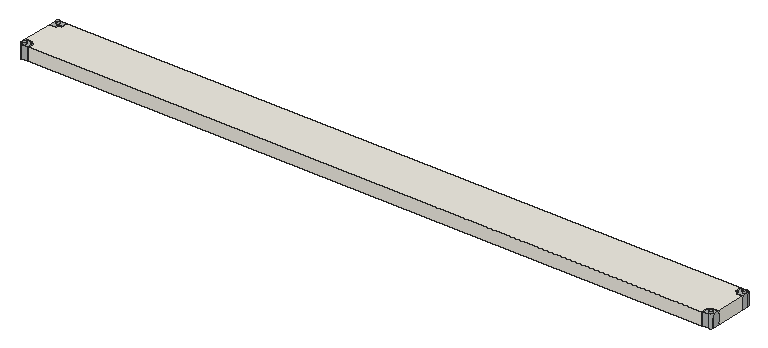
Revit family "HIGHTECH", category Осветительные приборы, Revit 2019 (continued)
Types (32, lengths in mm): name | Файл фотометрической сетки | built-in parameter 1150105 | Lumens | built-in parameter 1150106 | built-in parameter 1150142 | Wattage | Emit from Rectangle Width | Emit from Rectangle Length | Длина | Ширина | ADSK_Ток | ADSK_Полная мощность | ADSK_Обозначение | ADSK_Номинальная мощность | ADSK_Наименование | ADSK_Масса | ADSK_Код изделия
    \n448.356 368.859 293.578 222.119 154.483 93.612 39.601 3.823 3.725 3.725 3.627 3.529 3.431 3.332 3.234 3.137 3.039 3.039 2.941 2.842 2.744 2.647 2.549 2.450 2.352 2.352 2.254 2.157 2.059 1.960 1.862 \r\n1.764 1.667 1.667 1.569 1.470 1.372 1.274 1.177 1.078 0.980 0.980 0.882 0.784 0.687 0.588 0.490 0.392 0.294 0.294 0.196 0.098 0.000 \r\n2755.907 2758.357 2752.868 2747.770 2732.871 2716.011 2695.329 2667.294 2637.005 2599.462 2556.039 2511.438 2463.897 2412.631 2356.072 2296.670 2237.269 2170.221 \r\n2102.585 2032.205 1960.747 1886.347 1809.694 1731.668 1651.485 1569.538 1486.905 1402.410 1316.934 1227.146 1139.905 1052.371 964.150 876.029 787.906 701.057 614.798 530.008 \r\n448.061 368.663 293.480 222.022 154.386 93.514 39.504 3.823 3.725 3.725 3.627 3.529 3.431 3.332 3.234 3.137 3.039 3.039 2.941 2.842 2.744 2.647 2.549 2.450 2.352 2.352 2.254 2.157 2.059 1.960 1.862 \r\n1.764 1.667 1.667 1.569 1.470 1.372 1.274 1.177 1.078 0.980 0.980 0.882 0.784 0.687 0.588 0.490 0.392 0.294 0.294 0.196 0.098 0.000 \r\n2755.907 2758.259 2752.770 2747.477 2732.577 2715.619 2694.741 2666.706 2636.319 2598.776 2555.352 2510.654 2463.113 2411.749 2355.190 2295.788 2236.289 2169.241 \r\n2101.605 2031.323 1959.767 1885.367 1808.713 1730.687 1650.505 1568.656 1485.925 1401.528 1316.052 1226.361 1139.219 1051.684 963.465 875.440 787.416 700.567 614.406 529.616 \r\n447.866 368.467 293.283 221.923 154.288 93.514 39.504 3.823 3.725 3.725 3.627 3.529 3.431 3.332 3.234 3.137 3.039 3.039 2.941 2.842 2.744 2.647 2.549 2.450 2.352 2.352 2.254 2.157 2.059 1.960 1.862 \r\n1.764 1.667 1.667 1.569 1.470 1.372 1.274 1.177 1.078 0.980 0.980 0.882 0.784 0.687 0.588 0.490 0.392 0.294 0.294 0.196 0.098 0.000 \r\n2755.907 2758.161 2752.671 2747.280 2732.283 2715.227 2694.250 2666.117 2635.633 2598.090 2554.764 2509.967 2462.329 2410.964 2354.406 2294.906 2235.309 2168.359 \r\n2100.625 2030.343 1958.787 1884.387 1807.733 1729.707 1649.525 1567.676 1485.043 1400.646 1315.072 1225.479 1138.435 1050.901 962.876 874.852 786.926 700.176 614.013 529.323 \r\n447.571 368.272 293.088 221.825 154.190 93.415 39.405 3.823 3.725 3.725 3.627 3.529 3.431 3.332 3.234 3.137 3.039 3.039 2.941 2.842 2.744 2.647 2.549 2.450 2.352 2.352 2.254 2.157 2.059 1.960 1.862 \r\n1.764 1.667 1.667 1.569 1.470 1.372 1.274 1.177 1.078 0.980 0.980 0.882 0.784 0.687 0.588 0.490 0.392 0.294 0.294 0.196 0.098 0.000 \r\n2755.907 2757.965 2752.574 2746.987 2731.989 2714.835 2693.662 2665.530 2635.045 2597.404 2554.078 2509.184 2461.545 2410.082 2353.524 2294.024 2234.328 2167.378 \r\n2099.743 2029.363 1957.708 1883.309 1806.753 1728.727 1648.643 1566.794 1484.161 1399.764 1314.190 1224.695 1137.651 1050.214 962.190 874.264 786.338 699.685 613.621 529.028 \r\n447.278 368.075 292.990 221.727 154.190 93.415 39.405 3.823 3.725 3.627 3.627 3.529 3.431 3.332 3.234 3.137 3.039 3.039 2.941 2.842 2.744 2.647 2.549 2.450 2.352 2.352 2.254 2.157 2.059 1.960 1.862 \r\n1.764 1.667 1.667 1.569 1.470 1.372 1.274 1.177 1.078 0.980 0.980 0.882 0.784 0.687 0.588 0.490 0.392 0.294 0.294 0.196 0.098 0.000 \r\n2755.907 2757.867 2752.378 2746.692 2731.695 2714.443 2693.172 2665.040 2634.358 2596.718 2553.392 2508.497 2460.760 2409.200 2352.642 2293.141 2233.348 2166.398 \r\n2098.763 2028.383 1956.728 1882.328 1805.773 1727.747 1647.662 1565.814 1483.181 1398.881 1313.307 1223.911 1136.965 1049.529 961.603 873.675 785.848 699.195 613.230 528.734 \r\n446.983 367.879 292.793 221.629 154.091 93.317 39.307 3.823 3.725 3.627 3.627 3.529 3.431 3.332 3.234 3.137 3.039 2.941 2.941 2.842 2.744 2.647 2.549 2.450 2.352 2.352 2.254 2.157 2.059 1.960 1.862 \r\n1.764 1.667 1.667 1.569 1.470 1.372 1.274 1.177 1.078 0.980 0.980 0.882 0.784 0.687 0.588 0.490 0.392 0.294 0.294 0.196 0.098 0.000 \r\n2755.907 2757.769 2752.279 2746.497 2731.302 2713.953 2692.682 2664.452 2633.673 2596.031 2552.705 2507.713 2459.976 2408.417 2351.759 2292.259 2232.368 2165.418 \r\n2097.782 2027.403 1955.748 1881.348 1804.694 1726.767 1646.682 1564.931 1482.299 1398.097 1312.327 1223.029 1136.181 1048.842 960.916 873.088 785.357 698.803 612.838 528.342 \r\n446.788 367.683 292.598 221.532 153.993 93.220 39.209 3.823 3.725 3.627 3.627 3.529 3.431 3.332 3.234 3.137 3.039 2.941 2.941 2.842 2.744 2.647 2.549 2.450 2.352 2.352 2.254 2.157 2.059 1.960 1.862 \r\n1.764 1.667 1.667 1.569 1.470 1.372 1.274 1.177 1.078 0.980 0.980 0.882 0.784 0.687 0.588 0.490 0.392 0.294 0.294 0.196 0.098 0.000 \r\n2755.907 2757.671 2752.181 2746.202 2731.009 2713.561 2692.094 2663.863 2632.986 2595.346 2552.020 2507.027 2459.192 2407.534 2350.877 2291.377 2231.387 2164.536 \r\n2096.802 2026.520 1954.768 1880.368 1803.714 1725.787 1645.702 1563.951 1481.416 1397.215 1311.445 1222.245 1135.396 1048.058 960.229 872.500 784.867 698.313 612.446 528.048 \r\n446.493 367.487 292.500 221.433 153.896 93.220 39.209 3.823 3.725 3.627 3.627 3.529 3.431 3.332 3.234 3.137 3.039 2.941 2.941 2.842 2.744 2.647 2.549 2.450 2.352 2.254 2.254 2.157 2.059 1.960 1.862 \r\n1.764 1.667 1.667 1.569 1.470 1.372 1.274 1.177 1.078 0.980 0.980 0.882 0.784 0.687 0.588 0.490 0.392 0.294 0.294 0.196 0.098 0.000 \r\n2755.907 2757.573 2752.084 2745.908 2730.715 2713.169 2691.603 2663.275 2632.300 2594.659 2551.333 2506.341 2458.408 2406.652 2349.995 2290.495 2230.407 2163.556 \r\n2095.822 2025.539 1953.788 1879.388 1802.734 1724.806 1644.722 1563.069 1480.436 1396.332 1310.465 1221.460 1134.711 1047.372 959.642 872.010 784.279 697.921 612.053 527.754 \r\n446.199 367.193 292.303 221.335 153.798 93.122 39.111 3.823 3.725 3.627 3.627 3.529 3.431 3.332 3.234 3.137 3.039 2.941 2.941 2.842 2.744 2.647 2.549 2.450 2.352 2.254 2.254 2.157 2.059 1.960 1.862 \r\n1.764 1.667 1.667 1.569 1.470 1.372 1.274 1.177 1.078 0.980 0.980 0.882 0.784 0.687 0.588 0.490 0.392 0.294 0.294 0.196 0.098 0.000 \r\n2755.907 2757.475 2751.986 2745.615 2730.420 2712.777 2691.113 2662.785 2631.614 2593.973 2550.648 2505.556 2457.624 2405.770 2349.113 2289.612 2229.426 2162.576 \r\n2094.842 2024.559 1952.709 1878.309 1801.754 1723.826 1643.742 1562.089 1479.554 1395.450 1309.583 1220.578 1133.926 1046.685 958.956 871.421 783.789 697.431 611.661 527.459 \r\n445.905 366.997 292.108 221.237 153.798 93.122 39.013 3.823 3.725 3.627 3.529 3.529 3.431 3.332 3.234 3.137 3.039 2.941 2.941 2.842 2.744 2.647 2.549 2.450 2.352 2.254 2.254 2.157 2.059 1.960 1.862 \r\n1.764 1.667 1.667 1.569 1.470 1.372 1.274 1.177 1.078 0.980 0.980 0.882 0.784 0.687 0.588 0.490 0.392 0.294 0.294 0.196 0.098 0.000 \r\n2755.907 2757.279 2751.789 2745.418 2730.127 2712.384 2690.525 2662.197 2631.026 2593.287 2550.059 2504.871 2456.839 2404.985 2348.231 2288.730 2228.446 2161.694 \r\n2093.960 2023.579 1951.729 1877.329 1800.774 1722.846 1642.860 1561.207 1478.672 1394.568 1308.701 1219.793 1133.142 1046.000 958.367 870.833 783.299 696.941 611.269 527.067 \r\n445.709 366.800 292.010 221.041 153.700 93.024 39.013 3.823 3.725 3.627 3.529 3.529 3.431 3.332 3.234 3.137 3.039 2.941 2.941 2.842 2.744 2.647 2.549 2.450 2.352 2.254 2.254 2.157 2.059 1.960 1.862 \r\n1.764 1.667 1.569 1.569 1.470 1.372 1.274 1.177 1.078 0.980 0.980 0.882 0.784 0.687 0.588 0.490 0.392 0.294 0.294 0.196 0.098 0.000 \r\n2755.907 2757.180 2751.691 2745.124 2729.832 2711.992 2690.035 2661.608 2630.339 2592.601 2549.373 2504.086 2456.055 2404.103 2347.348 2287.848 2227.466 2160.713 \r\n2092.980 2022.599 1950.749 1876.349 1799.793 1721.768 1641.879 1560.226 1477.691 1393.686 1307.720 1219.010 1132.456 1045.215 957.681 870.245 782.809 696.548 610.877 526.774 \r\n445.414 366.605 291.813 220.943 153.601 93.024 38.915 3.823 3.725 3.627 3.529 3.529 3.431 3.332 3.234 3.137 3.039 2.941 2.842 2.842 2.744 2.647 2.549 2.450 2.352 2.254 2.254 2.157 2.059 1.960 1.862 \r\n1.764 1.667 1.569 1.569 1.470 1.372 1.274 1.177 1.078 0.980 0.980 0.882 0.784 0.687 0.588 0.490 0.392 0.294 0.294 0.196 0.098 0.000 \r\n2755.907 2757.083 2751.594 2744.830 2729.539 2711.502 2689.545 2661.021 2629.654 2591.915 2548.687 2503.401 2455.271 2403.221 2346.564 2286.966 2226.486 2159.733 \r\n2091.999 2021.619 1949.769 1875.369 1798.813 1720.787 1640.899 1559.344 1476.809 1392.804 1306.837 1218.128 1131.672 1044.529 957.093 869.656 782.319 696.058 610.485 526.479 \r\n445.121 366.408 291.618 220.845 153.503 92.925 38.915 3.823 3.725 3.627 3.529 3.529 3.431 3.332 3.234 3.137 3.039 2.941 2.842 2.842 2.744 2.647 2.549 2.450 2.352 2.254 2.254 2.157 2.059 1.960 1.862 \r\n1.764 1.667 1.569 1.569 1.470 1.372 1.274 1.177 1.078 0.980 0.980 0.882 0.784 0.687 0.588 0.490 0.392 0.294 0.294 0.196 0.098 0.000 \r\n2755.907 2756.985 2751.496 2744.634 2729.244 2711.110 2688.957 2660.531 2628.967 2591.228 2548.001 2502.616 2454.389 2402.339 2345.682 2286.084 2225.506 2158.850 \r\n2091.019 2020.737 1948.690 1874.290 1797.833 1719.807 1639.919 1558.364 1475.926 1392.019 1305.955 1217.343 1130.887 1043.843 956.407 869.069 781.730 695.568 610.093 526.185 \r\n444.827 366.213 291.519 220.747 153.406 92.925 38.817 3.823 3.725 3.627 3.529 3.431 3.431 3.332 3.234 3.137 3.039 2.941 2.842 2.842 2.744 2.647 2.549 2.450 2.352 2.254 2.254 2.157 2.059 1.960 1.862 \r\n1.764 1.667 1.569 1.569 1.470 1.372 1.274 1.177 1.078 0.980 0.980 0.882 0.784 0.687 0.588 0.490 0.392 0.294 0.294 0.196 0.098 0.000 \r\n2755.907 2756.887 2751.398 2744.340 2728.852 2710.718 2688.466 2659.943 2628.281 2590.542 2547.314 2501.930 2453.605 2401.554 2344.799 2285.201 2224.525 2157.870 \r\n2090.039 2019.756 1947.710 1873.310 1796.853 1718.827 1638.939 1557.481 1474.946 1391.137 1304.975 1216.559 1130.201 1043.157 955.720 868.481 781.240 695.176 609.701 525.794 \r\n444.631 366.016 291.323 220.649 153.406 92.827 38.719 3.823 3.725 3.627 3.529 3.431 3.431 3.332 3.234 3.137 3.039 2.941 2.842 2.842 2.744 2.647 2.549 2.450 2.352 2.254 2.157 2.157 2.059 1.960 1.862 \r\n1.764 1.667 1.569 1.569 1.470 1.372 1.274 1.177 1.078 0.980 0.980 0.882 0.784 0.687 0.588 0.490 0.392 0.294 0.294 0.196 0.098 0.000 \r\n2755.907 2756.789 2751.201 2744.046 2728.558 2710.326 2687.879 2659.354 2627.693 2589.856 2546.629 2501.244 2452.820 2400.672 2343.917 2284.320 2223.545 2156.890 \r\n2089.059 2018.776 1946.730 1872.330 1795.774 1717.847 1638.056 1556.501 1474.064 1390.255 1304.093 1215.677 1129.417 1042.373 955.133 867.991 780.750 694.686 609.309 525.499 \r\n444.337 365.820 291.128 220.551 153.308 92.730 38.719 3.823 3.725 3.627 3.529 3.431 3.431 3.332 3.234 3.137 3.039 2.941 2.842 2.842 2.744 2.647 2.549 2.450 2.352 2.254 2.157 2.157 2.059 1.960 1.862 \r\n1.764 1.667 1.569 1.569 1.470 1.372 1.274 1.177 1.078 0.980 0.980 0.882 0.784 0.687 0.588 0.490 0.392 0.294 0.294 0.196 0.098 0.000 \r\n2755.907 2756.592 2751.104 2743.850 2728.264 2709.934 2687.389 2658.864 2627.007 2589.170 2545.942 2500.459 2452.036 2399.790 2343.035 2283.438 2222.565 2156.008 \r\n2088.079 2017.796 1945.750 1871.350 1794.794 1716.867 1637.076 1555.619 1473.182 1389.372 1303.113 1214.892 1128.633 1041.687 954.446 867.402 780.260 694.294 608.917 525.205 \r\n444.042 365.625 291.029 220.453 153.209 92.730 38.621 3.823 3.725 3.627 3.529 3.431 3.431 3.332 3.234 3.137 3.039 2.941 2.842 2.744 2.744 2.647 2.549 2.450 2.352 2.254 2.157 2.157 2.059 1.960 1.862 \r\n1.764 1.667 1.569 1.569 1.470 1.372 1.274 1.177 1.078 0.980 0.882 0.882 0.784 0.687 0.588 0.490 0.392 0.294 0.294 0.196 0.098 0.000 \r\n2755.907 2756.495 2751.006 2743.556 2727.970 2709.443 2686.899 2658.276 2626.320 2588.484 2545.255 2499.773 2451.252 2399.006 2342.153 2282.556 2221.585 2155.028 \r\n2087.196 2016.816 1944.769 1870.370 1793.814 1715.886 1636.095 1554.639 1472.202 1388.490 1302.231 1214.109 1127.946 1041.000 953.858 866.814 779.672 693.804 608.524 524.912 \r\n443.749 365.330 290.833 220.355 153.111 92.632 38.523 3.823 3.725 3.627 3.529 3.431 3.431 3.332 3.234 3.137 3.039 2.941 2.842 2.744 2.744 2.647 2.549 2.450 2.352 2.254 2.157 2.157 2.059 1.960 1.862 \r\n1.764 1.667 1.569 1.569 1.470 1.372 1.274 1.177 1.078 0.980 0.882 0.882 0.784 0.687 0.588 0.490 0.392 0.294 0.294 0.196 0.098 0.000 \r\n2755.907 2756.397 2750.907 2743.261 2727.676 2709.052 2686.311 2657.687 2625.635 2587.700 2544.668 2498.989 2450.468 2398.124 2341.271 2281.673 2220.605 2154.047 \r\n2086.215 2015.836 1943.691 1869.292 1792.834 1714.906 1635.115 1553.757 1471.320 1387.608 1301.348 1213.227 1127.163 1040.314 953.173 866.226 779.182 693.314 608.132 524.519 \r\n443.552 365.134 290.637 220.257 153.013 92.632 38.523 3.823 3.725 3.627 3.529 3.431 3.332 3.332 3.234 3.137 3.039 2.941 2.842 2.744 2.744 2.647 2.549 2.450 2.352 2.254 2.157 2.157 2.059 1.960 1.862 \r\n1.764 1.667 1.569 1.569 1.470 1.372 1.274 1.177 1.078 0.980 0.882 0.882 0.784 0.687 0.588 0.490 0.392 0.294 0.294 0.196 0.098 0.000 \r\n2755.907 2756.299 2750.711 2742.968 2727.382 2708.660 2685.821 2657.100 2624.948 2587.013 2543.982 2498.303 2449.684 2397.242 2340.388 2280.791 2219.624 2153.166 \r\n2085.235 2014.954 1942.711 1868.312 1791.854 1713.926 1634.135 1552.777 1470.437 1386.726 1300.368 1212.442 1126.378 1039.530 952.486 865.638 778.692 692.922 607.740 524.225 \r\n443.259 364.938 290.441 220.159 153.013 92.533 38.425 3.823 3.725 3.627 3.529 3.431 3.332 3.332 3.234 3.137 3.039 2.941 2.842 2.744 2.744 2.647 2.549 2.450 2.352 2.254 2.157 2.157 2.059 1.960 1.862 \r\n1.764 1.667 1.569 1.569 1.470 1.372 1.274 1.177 1.078 0.980 0.882 0.882 0.784 0.687 0.588 0.490 0.392 0.294 0.294 0.196 0.098 0.000 \r\n2755.907 2756.200 2750.614 2742.771 2727.088 2708.268 2685.330 2656.610 2624.360 2586.327 2543.295 2497.518 2448.899 2396.360 2339.506 2279.909 2218.644 2152.185 \r\n2084.255 2013.974 1941.731 1867.331 1790.873 1712.946 1633.253 1551.895 1469.457 1385.942 1299.486 1211.658 1125.692 1038.844 951.898 865.050 778.201 692.432 607.348 523.931 \r\n442.964 364.743 290.343 220.061 152.916 92.533 38.425 3.823 3.725 3.627 3.529 3.431 3.332 3.332 3.234 3.137 3.039 2.941 2.842 2.744 2.744 2.647 2.549 2.450 2.352 2.254 2.157 2.157 2.059 1.960 1.862 \r\n1.764 1.667 1.569 1.470 1.470 1.372 1.274 1.177 1.078 0.980 0.882 0.882 0.784 0.687 0.588 0.490 0.392 0.294 0.294 0.196 0.098 0.000 \r\n2755.907 2756.102 2750.516 2742.478 2726.793 2707.875 2684.742 2656.022 2623.674 2585.641 2542.609 2496.833 2448.116 2395.575 2338.624 2279.027 2217.664 2151.205 \r\n2083.275 2012.993 1940.750 1866.351 1789.893 1711.966 1632.273 1550.915 1468.575 1385.060 1298.604 1210.776 1124.908 1038.158 951.211 864.462 777.614 691.942 606.957 523.637 \r\n442.670 364.546 290.147 219.963 152.818 92.435 38.327 3.823 3.725 3.627 3.529 3.431 3.332 3.332 3.234 3.137 3.039 2.941 2.842 2.744 2.744 2.647 2.549 2.450 2.352 2.254 2.157 2.157 2.059 1.960 1.862 \r\n1.764 1.667 1.569 1.470 1.470 1.372 1.274 1.177 1.078 0.980 0.882 0.882 0.784 0.687 0.588 0.490 0.392 0.294 0.294 0.196 0.098 0.000 \r\n2755.907 2756.005 2750.417 2742.183 2726.500 2707.385 2684.252 2655.433 2622.988 2584.955 2541.923 2496.146 2447.331 2394.693 2337.839 2278.144 2216.684 2150.322 \r\n2082.295 2012.013 1939.770 1865.370 1788.913 1710.985 1631.293 1550.032 1467.693 1384.178 1297.624 1209.991 1124.124 1037.472 950.624 863.972 777.123 691.550 606.564 523.245 \r\n442.474 364.350 289.951 219.865 152.719 92.435 38.229 3.823 3.725 3.627 3.529 3.431 3.332 3.332 3.234 3.137 3.039 2.941 2.842 2.744 2.744 2.647 2.549 2.450 2.352 2.254 2.157 2.059 2.059 1.960 1.862 \r\n1.764 1.667 1.569 1.470 1.470 1.372 1.274 1.177 1.078 0.980 0.882 0.882 0.784 0.687 0.588 0.490 0.392 0.294 0.294 0.196 0.098 0.000 \r\n2755.907 2755.808 2750.319 2741.987 2726.108 2706.993 2683.762 2654.845 2622.302 2584.269 2541.237 2495.363 2446.547 2393.811 2336.958 2277.262 2215.704 2149.342 \r\n2081.413 2011.033 1938.692 1864.293 1787.835 1710.005 1630.312 1549.051 1466.713 1383.296 1296.742 1209.208 1123.437 1036.688 949.937 863.383 776.633 691.060 606.172 522.951 \r\n442.180 364.154 289.853 219.767 152.621 92.337 38.229 3.823 3.725 3.627 3.529 3.431 3.332 3.234 3.234 3.137 3.039 2.941 2.842 2.744 2.647 2.647 2.549 2.450 2.352 2.254 2.157 2.059 2.059 1.960 1.862 \r\n1.764 1.667 1.569 1.470 1.470 1.372 1.274 1.177 1.078 0.980 0.882 0.882 0.784 0.687 0.588 0.490 0.392 0.294 0.294 0.196 0.098 0.000 \r\n2755.907 2755.710 2750.124 2741.693 2725.813 2706.601 2683.174 2654.355 2621.616 2583.582 2540.551 2494.676 2445.762 2392.929 2336.076 2276.380 2214.724 2148.362 \r
